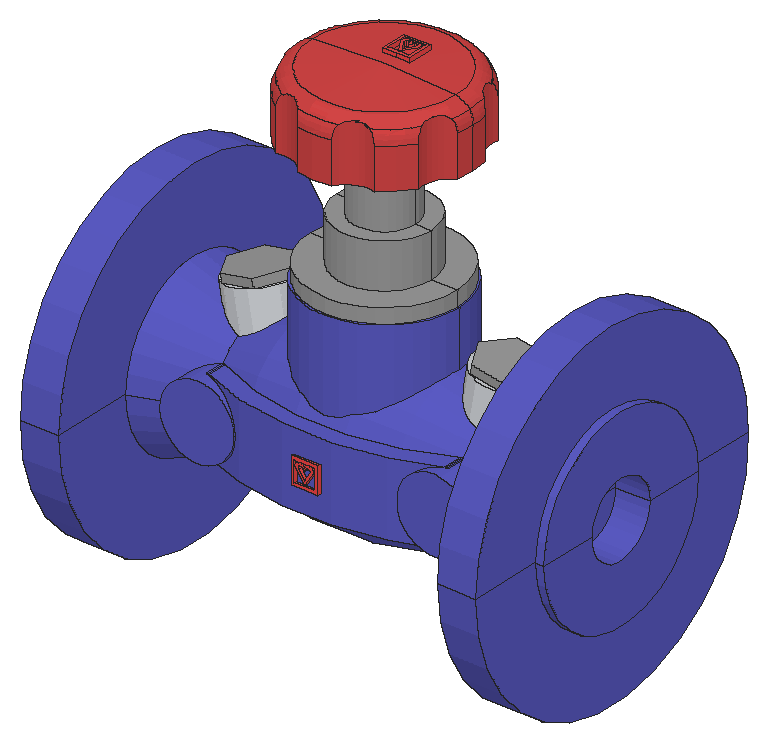
Revit family "Запорный клапан 4218 AGF", category Rohrzubehör, Revit 2021
Family settings
  Bemaßung runder Anschluss = Durchmesser verwenden
  Teiletyp = Unterbricht
  Arbeitsebenenbasiert = Nein
  Immer vertikal = Ja
  Beim Laden mit Abzugskörper schneiden = Nein
  Gemeinsam genutzt = Nein
Parameters
  w = 10.00°  # constant formula
  Vorgabe-Ansicht = 0.00 mm
  PN = 16  # constant formula
  Макс. рабочая температура до DN32 = 130 °C  # constant formula
  Макс. рабочая температура с DN40 = 110 °C  # constant formula
  Макс. рабочее давление = 1600000.0 Pa  # constant formula
  m2 [instance] = size_lookup("4218_AGF", "m2", 22.00 mm, Nennweite)  # 11.00 mm
  m1 [instance] = 27.59 mm  # constant formula
  d1 [instance] = size_lookup("4218_AGF", "d1", 25.00 mm, Nennweite)  # 25.00 mm
  Букса для клапана = "Латунь"  # constant formula
  Корпус = "Серый чугун GJL 250 в соответствии с EN 1561"  # constant formula
  URL = "www.herz-armaturen.ru"
  SCRNSEQ = "ARM;ARM_TYP=\"ABSV\";2"
  SCRNCODE = "05;11;2"  # constant formula
  R05 [instance] = size_lookup("4218_AGF", "R05", 45.00 mm, Nennweite)  # 45.00 mm
  R04 [instance] = size_lookup("4218_AGF", "R04", 25.50 mm, Nennweite)  # 25.50 mm
  R03 [instance] = size_lookup("4218_AGF", "R03", 30.00 mm, Nennweite)  # 30.00 mm
  R02 [instance] = size_lookup("4218_AGF", "R02", 21.15 mm, Nennweite)  # 21.15 mm
  R01 [instance] = size_lookup("4218_AGF", "R01", 29.50 mm, Nennweite)  # 29.50 mm
  O-Ringe = "EPDM"  # constant formula
  Nennweite [instance] = 25.00 mm
  Среда = "Качество теплоносителя в соответствии с ÖNORM H5195 и/или предписаниями VDI 2035.\r\nРазрешается использование смеси этилен или пропиленгликоля в соотношении 25-50% с водой."
  Lk [instance] = size_lookup("4218_AGF", "Lk", 32.50 mm, Nennweite)  # 32.50 mm
  L05 [instance] = 34.16 mm  # constant formula
  L04 [instance] = size_lookup("4218_AGF", "L04", 40.00 mm, Nennweite)  # 40.00 mm
  L03 [instance] = size_lookup("4218_AGF", "L03", 42.00 mm, Nennweite)  # 42.00 mm
  L02 [instance] = size_lookup("4218_AGF", "L02", 3.00 mm, Nennweite)  # 3.00 mm
  L01 [instance] = size_lookup("4218_AGF", "L01", 13.00 mm, Nennweite)  # 13.00 mm
  L [instance] = size_lookup("4218_AGF", "L", 160.00 mm, Nennweite)  # 160.00 mm
  Hersteller = "HERZ-Armaturen Ges.m.b.H"  # constant formula
  Dfl [instance] = size_lookup("4218_AGF", "Dfl", 57.50 mm, Nennweite)  # 57.50 mm
  DN80 [instance] = Nennweite = 80.00 mm  # no
  DN65-80 [instance] = or(Nennweite = 65.00 mm, Nennweite = 80.00 mm)  # no
  DN65 [instance] = Nennweite = 65.00 mm  # no
  DN50-80 [instance] = or(Nennweite = 50.00 mm, Nennweite = 65.00 mm, Nennweite = 80.00 mm)  # no
  DN50 [instance] = Nennweite = 50.00 mm  # no
  DN40 [instance] = Nennweite = 40.00 mm  # no
  DN32 [instance] = Nennweite = 32.00 mm  # no
  DN32-40 [instance] = or(Nennweite = 32.00 mm, Nennweite = 40.00 mm)  # no
  DN25-40 [instance] = or(Nennweite = 25.00 mm, Nennweite = 32.00 mm, Nennweite = 40.00 mm)  # yes
  DN25 [instance] = Nennweite = 25.00 mm  # yes
  D [instance] = size_lookup("4218_AGF", "D", 12.50 mm, Nennweite)  # 12.50 mm
  Номер заказа [instance] = size_lookup("4218_AGF", "Artnr", 0, Nennweite)  # 1421853
  B [instance] = size_lookup("4218_AGF", "B", 58.00 mm, Nennweite)  # 58.00 mm
  Область применения = "Для гидравлической балансировки в системах отопления или холодоснабжения, регулирования и перекрытия трубопроводов, стояков, теплообменников, регистров отопления и охлаждения."
Reference planes
  plane 1 "Mitte (Vorne/hinten)": y = 0
  plane 2: z = 0
  plane 3 "Mitte (Links/rechts)": x = 0
Forms (mm)
  Revolve 1, solid, material "Herz-Marineblau", detail levels fine
    sketch origin (1065, 0, 0) x (1, 0, 0) y (0, 1, 0)
      loop
        line (-1142, 57.5) -> (-1142, 32.5) -> (-1145, 32.5) -> (-1145, 12.5) -> (-1135, 12.5) -> (-1135, 0) -> (-997, 0) -> (-997, 12.5) -> (-985, 12.5) -> (-985, 32.5) -> (-988, 32.5) -> (-988, 57.5) -> (-1001, 57.5) -> (-1001, 29.5) -> (-1024.25, 21.15)
        arc (-1024.25, 21.15) -> (-1065, 30) -> (-1105.75, 21.15) r 98.242
        line (-1105.75, 21.15) -> (-1129, 29.5) -> (-1129, 57.5) -> (-1142, 57.5)
      axis (-985, 0) -> (-1145, 0)
    angle from 0 to 360
  Extrusion 2, solid, material "Herz-Marineblau", visible <- "DN25", detail levels fine
    sketch origin (0, 0, 0) x (1, 0, 0) y (0, 1, 0)
      loop
        arc (-40.75, -24.228) -> (0.085, -32.958) -> (40.917, -24.217) r 99.801
        line (40.917, -24.217) -> (40.917, 24.217)
        arc (40.917, 24.217) -> (0.085, 32.958) -> (-40.75, 24.228) r 99.801
        line (-40.75, 24.228) -> (-40.75, -24.228)
    from -12.5 to 12.5
  Extrusion 3, solid, material "Herz-Marineblau"
    sketch origin (0, 0, 0) x (1, 0, 0) y (0, 0, 1)
      loop
        circle (-40, 0) r 12.5
      loop
        circle (40, 0) r 12.5
    from -29 to 29
  Revolve 4, solid, visible <- "DN25"
    sketch origin (0, 0, 0) x (1, 0, 0) y (0, 0, 1)
      loop
        line (-42.018, 32) -> (-37.406, 5.845) -> (-26.573, 7.755) -> (-31.185, 33.91) -> (-42.018, 32)
      axis (-42.018, 32) -> (-37.406, 5.845)
    angle from 0 to 360
  Revolve 5, solid, visible <- "DN25"
    sketch origin (0, 0, 0) x (-1, 0, 0) y (0, 0, 1)
      loop
        line (-42.018, 32) -> (-37.406, 5.845) -> (-26.573, 7.755) -> (-31.185, 33.91) -> (-42.018, 32)
      axis (-42.018, 32) -> (-37.406, 5.845)
    angle from 0 to 360
  Revolve 6, solid, visible <- "DN32"
    sketch origin (-6, 0, 0) x (1, 0, 0) y (0, 0, 1)
      loop
        line (-42.018, 32) -> (-37.406, 5.845) -> (-26.573, 7.755) -> (-31.185, 33.91) -> (-42.018, 32)
      axis (-42.018, 32) -> (-37.406, 5.845)
    angle from 0 to 360
  Revolve 7, solid, visible <- "DN32"
    sketch origin (6, 0, 0) x (-1, 0, 0) y (0, 0, 1)
      loop
        line (-42.018, 32) -> (-37.406, 5.845) -> (-26.573, 7.755) -> (-31.185, 33.91) -> (-42.018, 32)
      axis (-42.018, 32) -> (-37.406, 5.845)
    angle from 0 to 360
  Revolve 8, solid, visible <- "DN40"
    sketch origin (-10, 0, 6) x (1, 0, 0) y (0, 0, 1)
      loop
        line (-42.018, 32) -> (-37.406, 5.845) -> (-26.573, 7.755) -> (-31.185, 33.91) -> (-42.018, 32)
      axis (-42.018, 32) -> (-37.406, 5.845)
    angle from 0 to 360
  Revolve 9, solid, visible <- "DN40"
    sketch origin (10, 0, 6) x (-1, 0, 0) y (0, 0, 1)
      loop
        line (-42.018, 32) -> (-37.406, 5.845) -> (-26.573, 7.755) -> (-31.185, 33.91) -> (-42.018, 32)
      axis (-42.018, 32) -> (-37.406, 5.845)
    angle from 0 to 360
  Revolve 10, solid, visible <- "DN50"
    sketch origin (-23, 0, 16) x (1, 0, 0) y (0, 0, 1)
      loop
        line (-42.018, 32) -> (-37.406, 5.845) -> (-26.573, 7.755) -> (-31.185, 33.91) -> (-42.018, 32)
      axis (-42.018, 32) -> (-37.406, 5.845)
    angle from 0 to 360
  Revolve 11, solid, visible <- "DN50"
    sketch origin (23, 0, 16) x (-1, 0, 0) y (0, 0, 1)
      loop
        line (-42.018, 32) -> (-37.406, 5.845) -> (-26.573, 7.755) -> (-31.185, 33.91) -> (-42.018, 32)
      axis (-42.018, 32) -> (-37.406, 5.845)
    angle from 0 to 360
  Revolve 12, solid, visible <- "DN65"
    sketch origin (-35, 0, 28) x (1, 0, 0) y (0, 0, 1)
      loop
        line (-42.018, 32) -> (-34.219, -12.231) -> (-18.954, -9.539) -> (-26.753, 34.692) -> (-42.018, 32)
      axis (-42.018, 32) -> (-34.219, -12.231)
    angle from 0 to 360
  Revolve 13, solid, visible <- "DN65"
    sketch origin (35, 0, 28) x (-1, 0, 0) y (0, 0, 1)
      loop
        line (-42.018, 32) -> (-34.219, -12.231) -> (-18.954, -9.539) -> (-26.753, 34.692) -> (-42.018, 32)
      axis (-42.018, 32) -> (-34.219, -12.231)
    angle from 0 to 360
  Revolve 14, solid, visible <- "DN80"
    sketch origin (-43, 0, 33) x (1, 0, 0) y (0, 0, 1)
      loop
        line (-42.018, 32) -> (-34.219, -12.231) -> (-18.954, -9.539) -> (-26.753, 34.692) -> (-42.018, 32)
      axis (-42.018, 32) -> (-34.219, -12.231)
    angle from 0 to 360
  Revolve 15, solid, visible <- "DN80"
    sketch origin (43, 0, 33) x (-1, 0, 0) y (0, 0, 1)
      loop
        line (-42.018, 32) -> (-34.219, -12.231) -> (-18.954, -9.539) -> (-26.753, 34.692) -> (-42.018, 32)
      axis (-42.018, 32) -> (-34.219, -12.231)
    angle from 0 to 360
  Revolve 16, solid, material "Herz-Marineblau"
    sketch origin (0, 0, 0) x (1, 0, 0) y (0, 0, 1)
      loop
        line (-0.018, 0) -> (25.5, 0) -> (25.5, 45) -> (-0.018, 45) -> (-0.018, 0)
      axis (-0.018, 45) -> (-0.018, 0)
    angle from 0 to 360
  Extrusion 17, solid, material "Herz-Marineblau", visible <- "DN32", detail levels fine
    sketch origin (0, 5, 0) x (1, 0, 0) y (0, 1, 0)
      loop
        arc (-50, -30.504) -> (0, -44.033) -> (50, -30.504) r 99.158
        line (50, -30.504) -> (50, 20.504)
        arc (50, 20.504) -> (0, 34.033) -> (-50, 20.504) r 99.158
        line (-50, 20.504) -> (-50, -30.504)
    from -12.5 to 12.5
  Extrusion 18, solid, material "Herz-Marineblau", visible <- "DN40", detail levels fine
    sketch origin (0, 7.139, 0) x (1, 0, 0) y (0, 1, 0)
      loop
        arc (-58.75, -37.243) -> (-0.086, -48.157) -> (58.607, -37.396) r 164.275
        line (58.607, -37.396) -> (58.607, 23.118)
        arc (58.607, 23.118) -> (-0.086, 33.878) -> (-58.75, 22.964) r 164.275
        line (-58.75, 22.964) -> (-58.75, -37.243)
    from -12.5 to 12.5
  Extrusion 19, solid, material "Herz-Marineblau", visible <- "DN50", detail levels fine
    sketch origin (0, 12.139, 0) x (1, 0, 0) y (0, 1, 0)
      loop
        arc (-70, -51.365) -> (-0.006, -58.136) -> (70, -51.487) r 368.507
        line (70, -51.487) -> (70, 27.208)
        arc (70, 27.208) -> (-0.006, 33.857) -> (-70, 27.086) r 368.507
        line (-70, 27.086) -> (-70, -51.365)
    from -12.5 to 12.5
  Extrusion 20, solid, material "Herz-Marineblau", visible <- "DN65", detail levels fine
    sketch origin (0, 17.139, 0) x (1, 0, 0) y (0, 1, 0)
      loop
        line (-89.879, 31.045) -> (-89.879, -65.324)
        arc (-89.879, -65.324) -> (0.112, -71.41) -> (90.111, -65.45) r 675.309
        line (90.111, -65.45) -> (90.111, 31.171)
        arc (90.111, 31.171) -> (0.112, 37.132) -> (-89.879, 31.045) r 675.309
    from -12.5 to 12.5
  Extrusion 21, solid, material "Herz-Marineblau", visible <- "DN80", detail levels fine
    sketch origin (0, 23.908, 0) x (1, 0, 0) y (0, 1, 0)
      loop
        line (-95.924, 29.668) -> (-95.924, -77.484)
        arc (-95.924, -77.484) -> (1.171, -81.507) -> (98.253, -77.179) r 1130.914
        line (98.253, -77.179) -> (98.253, 29.363)
        arc (98.253, 29.363) -> (1.171, 33.69) -> (-95.924, 29.668) r 1130.914
    from -12.5 to 12.5
  Revolve 22, solid, material "Messing, weicher Gelbton, geschweißt", visible <- "DN25"
    sketch origin (0, 0, 0) x (1, 0, 0) y (0, 0, 1)
      loop
        line (-15.927, 65) -> (-15.927, 50) -> (-24.821, 50) -> (-24.821, 45) -> (-0.018, 45) -> (-0.018, 87.982) -> (-7.018, 87.982) -> (-10.561, 84.439) -> (-10.561, 65) -> (-15.927, 65)
      axis (-0.018, 87.982) -> (-0.018, 45)
    angle from 0 to 360
  Revolve 23, solid, material "Messing, weicher Gelbton, geschweißt", visible <- "DN32-40"
    sketch origin (0, 0, 5) x (1, 0, 0) y (0, 0, 1)
      loop
        line (-15.927, 65) -> (-15.927, 50) -> (-24.821, 50) -> (-24.821, 45) -> (-0.018, 45) -> (-0.018, 82.982) -> (-7.018, 82.982) -> (-10.561, 79.439) -> (-10.561, 65) -> (-15.927, 65)
      axis (-0.018, 82.982) -> (-0.018, 45)
    angle from 0 to 360
  Revolve 24, solid, material "Messing, weicher Gelbton, geschweißt", visible <- "DN50"
    sketch origin (0, 0, 0) x (1, 0, 0) y (0, 0, 1)
      loop
        line (-30.605, 80.5) -> (-30.605, 65.5) -> (-39.5, 65.5) -> (-39.5, 60.5) -> (0, 60.5) -> (0, 103) -> (-17.179, 103) -> (-25.239, 94.939) -> (-25.239, 80.5) -> (-30.605, 80.5)
      axis (0, 103) -> (0, 60.5)
    angle from 0 to 360
  Revolve 25, solid, material "Messing, weicher Gelbton, geschweißt", visible <- "DN65-80"
    sketch origin (0, 0, 7.5) x (1, 0, 0) y (0, 0, 1)
      loop
        line (-30.605, 80.5) -> (-30.605, 65.5) -> (-39.5, 65.5) -> (-39.5, 60.5) -> (0, 60.5) -> (0, 95.5) -> (-17.179, 95.5) -> (-25.239, 87.439) -> (-25.239, 80.5) -> (-30.605, 80.5)
      axis (0, 95.5) -> (0, 60.5)
    angle from 0 to 360
  Extrusion 26, solid, material "Messing, weicher Gelbton, geschweißt", visible <- "DN25"
    sketch origin (0.537, 0, 6.073) x (0.984808, 0, 0.173648) y (0, 1, 0)
      loop
        line (-26.573, 0) -> (-31.989, 9.382) -> (-42.822, 9.382) -> (-48.239, 0) -> (-42.822, -9.382) -> (-31.989, -9.382) -> (-26.573, 0)
    from 32.922 to 35.92
  Extrusion 27, solid, material "Messing, weicher Gelbton, geschweißt", visible <- "DN40"
    sketch origin (-9.463, 0, 12.073) x (0.984808, 0, 0.173648) y (0, 1, 0)
      loop
        line (-26.573, 0) -> (-31.989, 9.382) -> (-42.822, 9.382) -> (-48.239, 0) -> (-42.822, -9.382) -> (-31.989, -9.382) -> (-26.573, 0)
    from 32.922 to 35.92
  Extrusion 28, solid, material "Messing, weicher Gelbton, geschweißt", visible <- "DN50"
    sketch origin (-22.463, 0, 22.073) x (0.984808, 0, 0.173648) y (0, 1, 0)
      loop
        line (-26.573, 0) -> (-31.989, 9.382) -> (-42.822, 9.382) -> (-48.239, 0) -> (-42.822, -9.382) -> (-31.989, -9.382) -> (-26.573, 0)
    from 32.922 to 35.92
  Extrusion 29, solid, material "Messing, weicher Gelbton, geschweißt", visible <- "DN80"
    sketch origin (-40.926, 0, 36.434) x (0.984808, 0, 0.173648) y (0, 1, 0)
      loop
        line (-24.656, 0) -> (-31.558, 11.956) -> (-45.364, 11.956) -> (-52.266, 0) -> (-45.364, -11.956) -> (-31.558, -11.956) -> (-24.656, 0)
    from 35.788 to 38.79
  Extrusion 30, solid, material "Messing, weicher Gelbton, geschweißt", visible <- "DN32"
    sketch origin (-5.463, 0, 6.073) x (0.984808, 0, 0.173648) y (0, 1, 0)
      loop
        line (-26.573, 0) -> (-31.989, 9.382) -> (-42.822, 9.382) -> (-48.239, 0) -> (-42.822, -9.382) -> (-31.989, -9.382) -> (-26.573, 0)
    from 32.922 to 35.92
  Extrusion 31, solid, material "Messing, weicher Gelbton, geschweißt", visible <- "DN25"
    sketch origin (-0.537, 0, 6.073) x (-0.984808, 0, 0.173648) y (0, -1, 0)
      loop
        line (-26.573, 0) -> (-31.989, 9.382) -> (-42.822, 9.382) -> (-48.239, 0) -> (-42.822, -9.382) -> (-31.989, -9.382) -> (-26.573, 0)
    from 32.922 to 35.92
  Extrusion 32, solid, material "Messing, weicher Gelbton, geschweißt", visible <- "DN40"
    sketch origin (9.463, 0, 12.073) x (-0.984808, 0, 0.173648) y (0, -1, 0)
      loop
        line (-26.573, 0) -> (-31.989, 9.382) -> (-42.822, 9.382) -> (-48.239, 0) -> (-42.822, -9.382) -> (-31.989, -9.382) -> (-26.573, 0)
    from 32.922 to 35.92
  Extrusion 33, solid, material "Messing, weicher Gelbton, geschweißt", visible <- "DN50"
    sketch origin (22.463, 0, 22.073) x (-0.984808, 0, 0.173648) y (0, -1, 0)
      loop
        line (-26.573, 0) -> (-31.989, 9.382) -> (-42.822, 9.382) -> (-48.239, 0) -> (-42.822, -9.382) -> (-31.989, -9.382) -> (-26.573, 0)
    from 32.922 to 35.92
  Extrusion 34, solid, material "Messing, weicher Gelbton, geschweißt", visible <- "DN32"
    sketch origin (5.463, 0, 6.073) x (-0.984808, 0, 0.173648) y (0, -1, 0)
      loop
        line (-26.573, 0) -> (-31.989, 9.382) -> (-42.822, 9.382) -> (-48.239, 0) -> (-42.822, -9.382) -> (-31.989, -9.382) -> (-26.573, 0)
    from 32.922 to 35.92
  Extrusion 35, solid, material "Messing, weicher Gelbton, geschweißt", visible <- "DN65"
    sketch origin (-32.926, 0, 31.434) x (0.984808, 0, 0.173648) y (0, 1, 0)
      loop
        line (-24.656, 0) -> (-31.558, 11.956) -> (-45.364, 11.956) -> (-52.266, 0) -> (-45.364, -11.956) -> (-31.558, -11.956) -> (-24.656, 0)
    from 35.788 to 38.79
  Extrusion 36, solid, material "Messing, weicher Gelbton, geschweißt", visible <- "DN80"
    sketch origin (40.926, 0, 36.434) x (-0.984808, 0, 0.173648) y (0, -1, 0)
      loop
        line (-24.656, 0) -> (-31.558, 11.956) -> (-45.364, 11.956) -> (-52.266, 0) -> (-45.364, -11.956) -> (-31.558, -11.956) -> (-24.656, 0)
    from 35.788 to 38.79
  Extrusion 37, solid, material "Messing, weicher Gelbton, geschweißt", visible <- "DN65"
    sketch origin (32.926, 0, 31.434) x (-0.984808, 0, 0.173648) y (0, -1, 0)
      loop
        line (-24.656, 0) -> (-31.558, 11.956) -> (-45.364, 11.956) -> (-52.266, 0) -> (-45.364, -11.956) -> (-31.558, -11.956) -> (-24.656, 0)
    from 35.788 to 38.79
Lines and regions (mm)
  model lines
    curve 1: line (-42.018, 0, 0) -> (-42.018, 0, 32)
    curve 2: line (-0.018, 0, 0) -> (-48.018, 0, 0)
    curve 3: line (-48.018, 0, 0) -> (-48.018, 0, 32)
    curve 4: line (-0.018, 0, 0) -> (-52.018, 0, 0)
    curve 5: line (-52.018, 0, 0) -> (-52.018, 0, 38)
    curve 6: line (-0.018, 0, 0) -> (-65.018, 0, 0)
    curve 7: line (-65.018, 0, 0) -> (-65.018, 0, 48)
    curve 8: line (-0.018, 0, 0) -> (-77.018, 0, 0)
    curve 9: line (-77.018, 0, 0) -> (-77.018, 0, 60)
    curve 10: line (-0.018, 0, 0) -> (-85.018, 0, 0)
    curve 11: line (-100.282, 0, 0) -> (-69.753, 0, 0)
    curve 12: line (-92.474, 0, 0) -> (-61.753, 0, 0)
Dimensions and locks
  "Dfl": plane 1 "Mitte (Vorne/hinten)" to Revolve 1 sketch curve
  "Lk": plane 1 "Mitte (Vorne/hinten)" to Revolve 1 sketch curve
  "D": plane 1 "Mitte (Vorne/hinten)" to Revolve 1 sketch curve
  "L": Revolve 1 sketch curve to Revolve 1 sketch curve
  "L01": Revolve 1 sketch curve to Revolve 1 sketch curve  (x2)
  "L02": Revolve 1 sketch curve to Revolve 1 sketch curve  (x2)
  equal spacing: Revolve 1 sketch curve, plane 3 "Mitte (Links/rechts)", Revolve 1 sketch curve  (x2)
  "L04": plane 3 "Mitte (Links/rechts)" to Extrusion 3 sketch curve
  "L04": Extrusion 3 sketch curve to plane 3 "Mitte (Links/rechts)"
  "B": Extrusion 3 to Extrusion 3
  equal spacing: Extrusion 3, plane 1 "Mitte (Vorne/hinten)", Extrusion 3
  "D": Revolve 1 sketch curve to plane 1 "Mitte (Vorne/hinten)"
  "Lk": Revolve 1 sketch curve to plane 1 "Mitte (Vorne/hinten)"
  "Dfl": Revolve 1 sketch curve to plane 1 "Mitte (Vorne/hinten)"
  "R02": plane 1 "Mitte (Vorne/hinten)" to Revolve 1 sketch curve  (x2)
  "R01": plane 1 "Mitte (Vorne/hinten)" to Revolve 1 sketch curve  (x2)
  "R03": plane 1 "Mitte (Vorne/hinten)" to Revolve 1 sketch curve
  Revolve 4 sketch curve to Revolve 4 sketch curve = 11.00 mm
  Revolve 4 sketch curve to Revolve 4 sketch curve = 26.559 mm
  Revolve 5 sketch curve to Revolve 5 sketch curve = 11.00 mm
  Revolve 5 sketch curve to Revolve 5 sketch curve = 26.559 mm
  Revolve 6 sketch curve to Revolve 6 sketch curve = 11.00 mm
  Revolve 6 sketch curve to Revolve 6 sketch curve = 26.559 mm
  Revolve 7 sketch curve to Revolve 7 sketch curve = 11.00 mm
  Revolve 7 sketch curve to Revolve 7 sketch curve = 26.559 mm
  Revolve 8 sketch curve to Revolve 8 sketch curve = 11.00 mm
  Revolve 8 sketch curve to Revolve 8 sketch curve = 26.559 mm
  Revolve 9 sketch curve to Revolve 9 sketch curve = 11.00 mm
  Revolve 9 sketch curve to Revolve 9 sketch curve = 26.559 mm
  Revolve 10 sketch curve to Revolve 10 sketch curve = 11.00 mm
  Revolve 10 sketch curve to Revolve 10 sketch curve = 26.559 mm
  Revolve 11 sketch curve to Revolve 11 sketch curve = 11.00 mm
  Revolve 11 sketch curve to Revolve 11 sketch curve = 26.559 mm
  Revolve 12 sketch curve to Revolve 12 sketch curve = 15.50 mm
  Revolve 12 sketch curve to Revolve 12 sketch curve = 44.913 mm
  Revolve 13 sketch curve to Revolve 13 sketch curve = 15.50 mm
  Revolve 13 sketch curve to Revolve 13 sketch curve = 44.913 mm
  Revolve 14 sketch curve to Revolve 14 sketch curve = 15.50 mm
  Revolve 14 sketch curve to Revolve 14 sketch curve = 44.913 mm
  Revolve 15 sketch curve to Revolve 15 sketch curve = 15.50 mm
  Revolve 15 sketch curve to Revolve 15 sketch curve = 44.913 mm
  "R05": Revolve 16 sketch curve to plane 2
  "R04": plane 3 "Mitte (Links/rechts)" to Revolve 16 sketch curve
  nested 5 to plane 2 = 88.00 mm
  nested 7 to plane 2 = 103.00 mm
  "d1": diameter of Extrusion 3 sketch curve  (x2)
  aligned and locked: level to plane 2
Automatic sketch dimensions
  curve 10 to level = 0.00 mm
  curve 8 to level = 0.00 mm
  curve 5 to level = 0.00 mm
  curve 10 to plane 3 "Mitte (Links/rechts)" = 85.018 mm
  curve 10 to curve 8 = 8.00 mm
  curve 8 to curve 7 = 12.00 mm
  curve 6 to curve 5 = 13.00 mm
  curve 4 to curve 2 = 4.00 mm
  curve 4 to plane 3 "Mitte (Links/rechts)" = 0.018 mm
  curve 6 to curve 2 = 0.00 mm
  curve 3 to curve 1 = 6.00 mm
  curve 10 to curve 2 = 0.00 mm
  level to curve 3 = 32.00 mm
  curve 1 to curve 3 = 0.00 mm
  curve 3 to curve 5 = 6.00 mm
  curve 5 to curve 7 = 10.00 mm
  curve 7 to curve 9 = 12.00 mm
  plane 1 "Mitte (Vorne/hinten)" to curve 11 = 0.00 mm
  plane 1 "Mitte (Vorne/hinten)" to curve 12 = 0.00 mm
  curve 11 to plane 3 "Mitte (Links/rechts)" = 100.282 mm
  curve 11 to curve 12 = 7.808 mm
  curve 12 to curve 11 = 22.721 mm
  curve 11 to curve 12 = 8.00 mm
  Extrusion 2 sketch curve to plane 3 "Mitte (Links/rechts)" = 40.75 mm
  plane 3 "Mitte (Links/rechts)" to Extrusion 2 sketch curve = 0.071 mm  (x2)
  plane 1 "Mitte (Vorne/hinten)" to Extrusion 2 sketch curve = 24.217 mm
  plane 3 "Mitte (Links/rechts)" to Extrusion 2 sketch curve = 40.917 mm
  plane 1 "Mitte (Vorne/hinten)" to Extrusion 2 sketch curve = 24.228 mm
  Extrusion 2 sketch curve to Extrusion 2 sketch curve = 42.614 mm
  Extrusion 2 sketch curve to plane 1 "Mitte (Vorne/hinten)" = 24.217 mm
  Revolve 4 sketch curve to plane 3 "Mitte (Links/rechts)" = 42.018 mm
  level to Revolve 4 sketch curve = 5.845 mm  (x2)
  Revolve 4 sketch curve to Revolve 4 sketch curve = 4.612 mm
  Revolve 4 sketch curve to Revolve 4 sketch curve = 10.833 mm
  level to Revolve 4 sketch curve = 32.00 mm
  Revolve 5 sketch curve to plane 3 "Mitte (Links/rechts)" = 42.018 mm
  Revolve 5 sketch curve to level = 5.845 mm  (x2)
  Revolve 5 sketch curve to Revolve 5 sketch curve = 4.612 mm
  Revolve 5 sketch curve to Revolve 5 sketch curve = 10.833 mm
  Revolve 5 sketch curve to level = 32.00 mm
  Revolve 6 sketch curve to plane 3 "Mitte (Links/rechts)" = 48.018 mm
  level to Revolve 6 sketch curve = 5.845 mm  (x2)
  Revolve 6 sketch curve to Revolve 6 sketch curve = 4.612 mm
  level to Revolve 6 sketch curve = 33.91 mm
  level to Revolve 6 sketch curve = 32.00 mm
  Revolve 7 sketch curve to plane 3 "Mitte (Links/rechts)" = 48.018 mm
  Revolve 7 sketch curve to level = 5.845 mm  (x2)
  Revolve 7 sketch curve to Revolve 7 sketch curve = 4.612 mm
  Revolve 7 sketch curve to level = 33.91 mm
  Revolve 7 sketch curve to level = 32.00 mm
  Revolve 8 sketch curve to plane 3 "Mitte (Links/rechts)" = 52.018 mm
  level to Revolve 8 sketch curve = 11.845 mm  (x2)
  Revolve 8 sketch curve to Revolve 8 sketch curve = 4.612 mm
  level to Revolve 8 sketch curve = 39.91 mm
  level to Revolve 8 sketch curve = 38.00 mm
  Revolve 9 sketch curve to plane 3 "Mitte (Links/rechts)" = 52.018 mm
  Revolve 9 sketch curve to level = 11.845 mm  (x2)
  Revolve 9 sketch curve to Revolve 9 sketch curve = 4.612 mm
  Revolve 9 sketch curve to level = 39.91 mm
  Revolve 9 sketch curve to level = 38.00 mm
  Revolve 10 sketch curve to plane 3 "Mitte (Links/rechts)" = 65.018 mm
  level to Revolve 10 sketch curve = 21.845 mm  (x2)
  Revolve 10 sketch curve to Revolve 10 sketch curve = 4.612 mm
  level to Revolve 10 sketch curve = 49.91 mm
  level to Revolve 10 sketch curve = 48.00 mm
  Revolve 11 sketch curve to plane 3 "Mitte (Links/rechts)" = 65.018 mm
  Revolve 11 sketch curve to level = 21.845 mm  (x2)
  Revolve 11 sketch curve to Revolve 11 sketch curve = 4.612 mm
  Revolve 11 sketch curve to level = 49.91 mm
  Revolve 11 sketch curve to level = 48.00 mm
  Revolve 12 sketch curve to plane 3 "Mitte (Links/rechts)" = 77.018 mm
  level to Revolve 12 sketch curve = 15.769 mm
  Revolve 12 sketch curve to Revolve 12 sketch curve = 7.799 mm
  Revolve 12 sketch curve to Revolve 12 sketch curve = 15.265 mm
  level to Revolve 12 sketch curve = 60.00 mm
  level to Revolve 12 sketch curve = 33.845 mm
  Revolve 13 sketch curve to plane 3 "Mitte (Links/rechts)" = 77.018 mm
  Revolve 13 sketch curve to level = 15.769 mm
  Revolve 13 sketch curve to Revolve 13 sketch curve = 7.799 mm
  Revolve 13 sketch curve to Revolve 13 sketch curve = 15.265 mm
  Revolve 13 sketch curve to level = 60.00 mm
  Revolve 13 sketch curve to level = 33.845 mm
  Revolve 14 sketch curve to plane 3 "Mitte (Links/rechts)" = 85.018 mm
  level to Revolve 14 sketch curve = 20.769 mm
  Revolve 14 sketch curve to Revolve 14 sketch curve = 7.799 mm
  level to Revolve 14 sketch curve = 67.692 mm
  level to Revolve 14 sketch curve = 65.00 mm
  level to Revolve 14 sketch curve = 38.845 mm
  Revolve 15 sketch curve to plane 3 "Mitte (Links/rechts)" = 85.018 mm
  Revolve 15 sketch curve to level = 20.769 mm
  Revolve 15 sketch curve to Revolve 15 sketch curve = 7.799 mm
  Revolve 15 sketch curve to level = 67.692 mm
  Revolve 15 sketch curve to level = 65.00 mm
  Revolve 15 sketch curve to level = 38.845 mm
  Extrusion 17 sketch curve to plane 3 "Mitte (Links/rechts)" = 0.00 mm  (x2)
  Extrusion 17 sketch curve to plane 1 "Mitte (Vorne/hinten)" = 25.504 mm
  Extrusion 17 sketch curve to plane 3 "Mitte (Links/rechts)" = 50.00 mm
  plane 1 "Mitte (Vorne/hinten)" to Extrusion 17 sketch curve = 25.504 mm
  plane 3 "Mitte (Links/rechts)" to Extrusion 17 sketch curve = 50.00 mm
  plane 1 "Mitte (Vorne/hinten)" to Extrusion 17 sketch curve = 60.125 mm
  Extrusion 17 sketch curve to plane 1 "Mitte (Vorne/hinten)" = 60.125 mm
  Extrusion 18 sketch curve to plane 3 "Mitte (Links/rechts)" = 58.75 mm
  plane 3 "Mitte (Links/rechts)" to Extrusion 18 sketch curve = 0.129 mm  (x2)
  plane 1 "Mitte (Vorne/hinten)" to Extrusion 18 sketch curve = 30.257 mm
  plane 3 "Mitte (Links/rechts)" to Extrusion 18 sketch curve = 58.607 mm
  Extrusion 18 sketch curve to Extrusion 18 sketch curve = 93.00 mm
  plane 1 "Mitte (Vorne/hinten)" to Extrusion 18 sketch curve = 30.103 mm
  Extrusion 18 sketch curve to plane 1 "Mitte (Vorne/hinten)" = 30.103 mm
  Extrusion 19 sketch curve to plane 3 "Mitte (Links/rechts)" = 70.00 mm
  plane 3 "Mitte (Links/rechts)" to Extrusion 19 sketch curve = 0.315 mm  (x2)
  plane 1 "Mitte (Vorne/hinten)" to Extrusion 19 sketch curve = 39.348 mm
  plane 3 "Mitte (Links/rechts)" to Extrusion 19 sketch curve = 70.00 mm
  Extrusion 19 sketch curve to Extrusion 19 sketch curve = 283.163 mm
  plane 1 "Mitte (Vorne/hinten)" to Extrusion 19 sketch curve = 39.226 mm
  Extrusion 19 sketch curve to plane 1 "Mitte (Vorne/hinten)" = 39.226 mm
  Extrusion 20 sketch curve to plane 3 "Mitte (Links/rechts)" = 89.879 mm
  plane 3 "Mitte (Links/rechts)" to Extrusion 20 sketch curve = 0.585 mm  (x2)
  plane 3 "Mitte (Links/rechts)" to Extrusion 20 sketch curve = 90.111 mm
  plane 1 "Mitte (Vorne/hinten)" to Extrusion 20 sketch curve = 621.038 mm
  plane 1 "Mitte (Vorne/hinten)" to Extrusion 20 sketch curve = 48.311 mm
  plane 1 "Mitte (Vorne/hinten)" to Extrusion 20 sketch curve = 48.185 mm
  Extrusion 20 sketch curve to plane 1 "Mitte (Vorne/hinten)" = 48.185 mm
  Extrusion 21 sketch curve to plane 3 "Mitte (Links/rechts)" = 95.924 mm
  Extrusion 21 sketch curve to plane 3 "Mitte (Links/rechts)" = 0.606 mm  (x2)
  plane 1 "Mitte (Vorne/hinten)" to Extrusion 21 sketch curve = 53.271 mm
  plane 3 "Mitte (Links/rechts)" to Extrusion 21 sketch curve = 98.253 mm
  plane 1 "Mitte (Vorne/hinten)" to Extrusion 21 sketch curve = 53.576 mm
  Extrusion 21 sketch curve to Extrusion 21 sketch curve = 1019.737 mm
  Extrusion 21 sketch curve to plane 1 "Mitte (Vorne/hinten)" = 53.271 mm
  Revolve 22 sketch curve to plane 3 "Mitte (Links/rechts)" = 24.821 mm
  Revolve 22 sketch curve to Revolve 22 sketch curve = 8.895 mm
  Revolve 22 sketch curve to Revolve 22 sketch curve = 5.366 mm
  Revolve 22 sketch curve to Revolve 22 sketch curve = 3.543 mm  (x2)
  Revolve 22 sketch curve to plane 3 "Mitte (Links/rechts)" = 0.018 mm
  level to Revolve 22 sketch curve = 45.00 mm
  Revolve 22 sketch curve to Revolve 22 sketch curve = 5.00 mm
  Revolve 22 sketch curve to Revolve 22 sketch curve = 15.00 mm
  Revolve 22 sketch curve to Revolve 22 sketch curve = 19.439 mm
  Revolve 22 sketch curve to Revolve 22 sketch curve = 0.00 mm  (x3)
  Revolve 23 sketch curve to plane 3 "Mitte (Links/rechts)" = 24.821 mm
  Revolve 23 sketch curve to Revolve 23 sketch curve = 8.895 mm
  Revolve 23 sketch curve to Revolve 23 sketch curve = 5.366 mm
  Revolve 23 sketch curve to Revolve 23 sketch curve = 3.543 mm  (x2)
  Revolve 23 sketch curve to plane 3 "Mitte (Links/rechts)" = 0.018 mm
  level to Revolve 23 sketch curve = 50.00 mm
  Revolve 23 sketch curve to Revolve 23 sketch curve = 5.00 mm  (x2)
  Revolve 23 sketch curve to Revolve 23 sketch curve = 15.00 mm
  Revolve 23 sketch curve to Revolve 23 sketch curve = 14.439 mm
  Revolve 23 sketch curve to Revolve 23 sketch curve = 0.00 mm  (x2)
  Revolve 24 sketch curve to plane 3 "Mitte (Links/rechts)" = 0.00 mm  (x2)
  Revolve 24 sketch curve to plane 3 "Mitte (Links/rechts)" = 17.179 mm
  Revolve 24 sketch curve to Revolve 24 sketch curve = 8.061 mm  (x2)
  Revolve 24 sketch curve to Revolve 24 sketch curve = 5.366 mm
  Revolve 24 sketch curve to Revolve 24 sketch curve = 8.895 mm
  level to Revolve 24 sketch curve = 60.50 mm
  Revolve 24 sketch curve to Revolve 24 sketch curve = 5.00 mm
  Revolve 24 sketch curve to Revolve 24 sketch curve = 15.00 mm
  Revolve 24 sketch curve to Revolve 24 sketch curve = 14.439 mm
  Revolve 24 sketch curve to Revolve 24 sketch curve = 0.00 mm  (x2)
  Revolve 25 sketch curve to plane 3 "Mitte (Links/rechts)" = 0.00 mm  (x2)
  Revolve 25 sketch curve to plane 3 "Mitte (Links/rechts)" = 17.179 mm
  Revolve 25 sketch curve to Revolve 25 sketch curve = 8.061 mm  (x2)
  Revolve 25 sketch curve to Revolve 25 sketch curve = 5.366 mm
  Revolve 25 sketch curve to Revolve 25 sketch curve = 8.895 mm
  level to Revolve 25 sketch curve = 68.00 mm
  Revolve 25 sketch curve to Revolve 25 sketch curve = 5.00 mm
  Revolve 25 sketch curve to Revolve 25 sketch curve = 15.00 mm
  Revolve 25 sketch curve to Revolve 25 sketch curve = 6.939 mm
  Revolve 25 sketch curve to Revolve 25 sketch curve = 0.00 mm
  Revolve 25 sketch curve to Revolve 25 sketch curve = 7.50 mm
  plane 1 "Mitte (Vorne/hinten)" to Extrusion 26 sketch curve = 0.00 mm  (x2)
  Extrusion 26 sketch curve to Extrusion 26 sketch curve = 5.416 mm  (x3)
  plane 1 "Mitte (Vorne/hinten)" to Extrusion 26 sketch curve = 9.382 mm
  Extrusion 26 sketch curve to Extrusion 26 sketch curve = 10.833 mm  (x2)
  Extrusion 26 sketch curve to plane 1 "Mitte (Vorne/hinten)" = 9.382 mm
  plane 1 "Mitte (Vorne/hinten)" to Extrusion 27 sketch curve = 0.00 mm  (x2)
  Extrusion 27 sketch curve to Extrusion 27 sketch curve = 5.416 mm  (x3)
  plane 1 "Mitte (Vorne/hinten)" to Extrusion 27 sketch curve = 9.382 mm
  Extrusion 27 sketch curve to Extrusion 27 sketch curve = 10.833 mm  (x2)
  Extrusion 27 sketch curve to plane 1 "Mitte (Vorne/hinten)" = 9.382 mm
  plane 1 "Mitte (Vorne/hinten)" to Extrusion 28 sketch curve = 0.00 mm  (x2)
  Extrusion 28 sketch curve to Extrusion 28 sketch curve = 5.416 mm  (x3)
  plane 1 "Mitte (Vorne/hinten)" to Extrusion 28 sketch curve = 9.382 mm
  Extrusion 28 sketch curve to Extrusion 28 sketch curve = 10.833 mm  (x2)
  Extrusion 28 sketch curve to plane 1 "Mitte (Vorne/hinten)" = 9.382 mm
  plane 1 "Mitte (Vorne/hinten)" to Extrusion 29 sketch curve = 0.00 mm  (x2)
  Extrusion 29 sketch curve to Extrusion 29 sketch curve = 6.903 mm  (x3)
  plane 1 "Mitte (Vorne/hinten)" to Extrusion 29 sketch curve = 11.956 mm
  Extrusion 29 sketch curve to Extrusion 29 sketch curve = 13.805 mm  (x2)
  Extrusion 29 sketch curve to plane 1 "Mitte (Vorne/hinten)" = 11.956 mm
  plane 1 "Mitte (Vorne/hinten)" to Extrusion 30 sketch curve = 0.00 mm  (x2)
  Extrusion 30 sketch curve to Extrusion 30 sketch curve = 5.416 mm  (x3)
  plane 1 "Mitte (Vorne/hinten)" to Extrusion 30 sketch curve = 9.382 mm
  Extrusion 30 sketch curve to Extrusion 30 sketch curve = 10.833 mm  (x2)
  Extrusion 30 sketch curve to plane 1 "Mitte (Vorne/hinten)" = 9.382 mm
  plane 1 "Mitte (Vorne/hinten)" to Extrusion 31 sketch curve = 0.00 mm  (x2)
  Extrusion 31 sketch curve to Extrusion 31 sketch curve = 5.416 mm  (x3)
  plane 1 "Mitte (Vorne/hinten)" to Extrusion 31 sketch curve = 9.382 mm
  Extrusion 31 sketch curve to Extrusion 31 sketch curve = 10.833 mm  (x2)
  Extrusion 31 sketch curve to plane 1 "Mitte (Vorne/hinten)" = 9.382 mm
  plane 1 "Mitte (Vorne/hinten)" to Extrusion 32 sketch curve = 0.00 mm  (x2)
  Extrusion 32 sketch curve to Extrusion 32 sketch curve = 5.416 mm  (x3)
  plane 1 "Mitte (Vorne/hinten)" to Extrusion 32 sketch curve = 9.382 mm
  Extrusion 32 sketch curve to Extrusion 32 sketch curve = 10.833 mm  (x2)
  Extrusion 32 sketch curve to plane 1 "Mitte (Vorne/hinten)" = 9.382 mm
  plane 1 "Mitte (Vorne/hinten)" to Extrusion 33 sketch curve = 0.00 mm  (x2)
  Extrusion 33 sketch curve to Extrusion 33 sketch curve = 5.416 mm  (x3)
  plane 1 "Mitte (Vorne/hinten)" to Extrusion 33 sketch curve = 9.382 mm
  Extrusion 33 sketch curve to Extrusion 33 sketch curve = 10.833 mm  (x2)
  Extrusion 33 sketch curve to plane 1 "Mitte (Vorne/hinten)" = 9.382 mm
  plane 1 "Mitte (Vorne/hinten)" to Extrusion 34 sketch curve = 0.00 mm  (x2)
  Extrusion 34 sketch curve to Extrusion 34 sketch curve = 5.416 mm  (x3)
  plane 1 "Mitte (Vorne/hinten)" to Extrusion 34 sketch curve = 9.382 mm
  Extrusion 34 sketch curve to Extrusion 34 sketch curve = 10.833 mm  (x2)
  Extrusion 34 sketch curve to plane 1 "Mitte (Vorne/hinten)" = 9.382 mm
  plane 1 "Mitte (Vorne/hinten)" to Extrusion 35 sketch curve = 0.00 mm  (x2)
  Extrusion 35 sketch curve to Extrusion 35 sketch curve = 6.903 mm  (x3)
  plane 1 "Mitte (Vorne/hinten)" to Extrusion 35 sketch curve = 11.956 mm
  Extrusion 35 sketch curve to Extrusion 35 sketch curve = 13.805 mm  (x2)
  Extrusion 35 sketch curve to plane 1 "Mitte (Vorne/hinten)" = 11.956 mm
  plane 1 "Mitte (Vorne/hinten)" to Extrusion 36 sketch curve = 0.00 mm  (x2)
  Extrusion 36 sketch curve to Extrusion 36 sketch curve = 6.903 mm  (x3)
  plane 1 "Mitte (Vorne/hinten)" to Extrusion 36 sketch curve = 11.956 mm
  Extrusion 36 sketch curve to Extrusion 36 sketch curve = 13.805 mm  (x2)
  Extrusion 36 sketch curve to plane 1 "Mitte (Vorne/hinten)" = 11.956 mm
  plane 1 "Mitte (Vorne/hinten)" to Extrusion 37 sketch curve = 0.00 mm  (x2)
  Extrusion 37 sketch curve to Extrusion 37 sketch curve = 6.903 mm  (x3)
  plane 1 "Mitte (Vorne/hinten)" to Extrusion 37 sketch curve = 11.956 mm
  Extrusion 37 sketch curve to Extrusion 37 sketch curve = 13.805 mm  (x2)
  Extrusion 37 sketch curve to plane 1 "Mitte (Vorne/hinten)" = 11.956 mm
  Revolve 1 sketch curve to plane 1 "Mitte (Vorne/hinten)" = 0.00 mm
  plane 1 "Mitte (Vorne/hinten)" to Revolve 1 sketch curve = 0.00 mm
  Revolve 1 sketch curve to Revolve 1 sketch curve = 10.00 mm
  Revolve 1 sketch curve to Revolve 1 sketch curve = 23.25 mm
  Revolve 1 sketch curve to Revolve 1 sketch curve = 12.00 mm
  Revolve 1 sketch curve to Revolve 1 sketch curve = 1920.00 mm  (x2)
  Extrusion 3 sketch curve to level = 0.00 mm  (x2)
  Revolve 16 sketch curve to level = 0.00 mm  (x2)
  Revolve 16 sketch curve to plane 3 "Mitte (Links/rechts)" = 0.018 mm
  Revolve 16 sketch curve to Revolve 16 sketch curve = 0.00 mm  (x2)
Nested families
  nested 1: "Herz-Logo-vorne" at (-0.018, -32.861, 0) x (0, 1, 0) z (0, 0, 1), visible <- "DN25", type "Herz-Logo-vorne", detail levels fine
  nested 2: "Herz-Logo-vorne" at (-0.018, -38.932, 0) x (0, 1, 0) z (0, 0, 1), visible <- "DN32", type "Herz-Logo-vorne", detail levels fine
  nested 3: "Herz-Logo-vorne" at (-0.018, -40.835, 0) x (0, 1, 0) z (0, 0, 1), visible <- "DN40", type "Herz-Logo-vorne", detail levels fine
  nested 4: "Herz-Logo-vorne" at (-0.018, -57.6, 0) x (0, 1, 0) z (0, 0, 1), visible <- "DN80", type "Herz-Logo-vorne", detail levels fine
  nested 5: "Strömax-Handrad" at (0, 0, 88), visible <- "DN25-40", type "Strömax-Handrad"
    with Nennweite 0.00 mm, Gewicht 0.00 kg, Bestellnummer 0
  nested 6: "Herz-Logo" at (0, 9.517, 109.445), visible <- "DN25-40", type "Herz-Logo"
  nested 7: "Strömax-Handrad-DN50-80" at (0, 0, 103), visible <- "DN50-80", type "Strömax-Handrad-DN50-80"
    with Nennweite 0.00 mm, Gewicht 0.00 kg, Bestellnummer 0
  nested 8: "Herz-Logo-vorne" at (0, -46.065, 0) x (0, 1, 0) z (0, 0, 1), visible <- "DN50", type "Herz-Logo-vorne", detail levels fine
  nested 9: "Herz-Logo-vorne" at (-0.018, -54.253, 0) x (0, 1, 0) z (0, 0, 1), visible <- "DN65", type "Herz-Logo-vorne", detail levels fine
Connectors
  piping at (-80, 0, 0), diameter 25, driven by "Nennweite"
    settings: on Revolve 1, index 1, connector inside diameter 609.6 mm, connector length 0.00 mm, flow factor 0, pipe flow 0.0 L/s, pressure drop 0.0 Pa, fitting loss kfactor 0, connector angle 0.00°, fixture units 0, engagement length 0.00 mm, angle of deflection 0.00°, flow configuration 0, flow direction 1, fitting loss method 0, system type 29, joint type 0, gender type 0, connector reference index -1, connector utility 0, adjustable connector no, is connector primary yes, connector description ""
  piping at (80, 0, 0), diameter 25, driven by "Nennweite"
    settings: on Revolve 1, index 2, connector inside diameter 609.6 mm, connector length 0.00 mm, flow factor 0, pipe flow 0.0 L/s, pressure drop 0.0 Pa, fitting loss kfactor 0, connector angle 0.00°, fixture units 0, engagement length 0.00 mm, angle of deflection 0.00°, flow configuration 0, flow direction 2, fitting loss method 0, system type 29, joint type 0, gender type 0, connector reference index -1, connector utility 0, adjustable connector no, is connector primary no, connector description ""
Definition of nested family "Herz-Logo-vorne"
  Parameters (values of type "Herz-Logo-vorne")
    Default Elevation = 0.00 mm
  Reference planes
    plane 1 "Mitte (Vorne/hinten)": y = 0
    plane 2: z = 0
    plane 3 "Mitte (Links/rechts)": x = 0
  Forms (mm)
    Extrusion 1, solid
      sketch origin (0.732, -0.018, 0.017) x (0, -1, 0) y (0, 0, 1)
        loop
          line (-0.018, -4.517) -> (4.482, -4.517) -> (4.482, 4.483) -> (-4.518, 4.483) -> (-4.518, -4.517) -> (-0.018, -4.517)
        loop
          line (-0.05, -3.48) -> (3.482, -3.48) -> (3.482, 3.483) -> (-3.518, 3.483) -> (-3.518, -3.48) -> (-0.05, -3.48)
        loop
          arc (-0.018, 2.383) -> (-1.543, 3.287) -> (-3.067, 2.383) r 1.738
          arc (-3.067, 2.383) -> (-3.191, 1.899) -> (-3.067, 1.415) r 1.009
          line (-3.067, 1.415) -> (-0.018, -3.281) -> (3.032, 1.415)
          arc (3.032, 1.415) -> (3.156, 1.899) -> (3.032, 2.383) r 1.009
          arc (3.032, 2.383) -> (1.507, 3.287) -> (-0.018, 2.383) r 1.738
        loop
          arc (1.885, 1.272) -> (2.005, 1.675) -> (1.885, 2.079) r 0.74
          arc (1.885, 2.079) -> (1.265, 2.416) -> (0.644, 2.079) r 0.74
          line (0.644, 2.079) -> (-0.018, 0.97) -> (-0.679, 2.079)
          arc (-0.679, 2.079) -> (-1.3, 2.416) -> (-1.921, 2.079) r 0.74
          arc (-1.921, 2.079) -> (-2.04, 1.675) -> (-1.921, 1.272) r 0.74
          line (-1.921, 1.272) -> (-0.018, -1.658) -> (1.885, 1.272)
      from 0 to 1.5
  Dimensions and locks
    aligned and locked: level to plane 2
Definition of nested family "Strömax-Handrad"
  Parameters (values of type "Strömax-Handrad")
    Default Elevation = 0.00 mm
    URL = "www.herz-armaturen.at"
    Nennweite [instance] = 0.00 mm
    Manufacturer = "Herz Armaturen GmbH"  # constant formula
    Gewicht [instance] = 0.00 kg
    Bestellnummer [instance] = 0
  Reference planes
    plane 1 "Mitte (Vorne/hinten)": y = 0
    plane 2: z = 0
    plane 3 "Mitte (Links/rechts)": x = 0
  Forms (mm)
    Revolve 1, solid
      sketch origin (0, 0, 0) x (1, 0, 0) y (0, 0, 1)
        loop
          line (0, 0) -> (0, 22)
          arc (0, 22) -> (-12.15, 21.705) -> (-24.271, 20.819) r 250
          arc (-24.271, 20.819) -> (-26.831, 19.959) -> (-28.754, 18.063) r 6
          arc (-28.754, 18.063) -> (-29.682, 16.008) -> (-30, 13.776) r 8
          line (-30, 13.776) -> (-30, 0) -> (0, 0)
        axis (0, 22) -> (0, 0)
      angle from 0 to 360
    Extrusion 2, void
      sketch origin (0, 0, 0) x (1, 0, 0) y (0, 1, 0)
        loop
          circle (14.351, -34.645) r 10
      from 0 to 22
    Extrusion 3, void
      sketch origin (0, 0, 0) x (-1, 0, 0) y (0, -1, 0)
        loop
          circle (14.351, 34.645) r 10
      from 0 to 22
    Extrusion 4, void
      sketch origin (0, 0, 0) x (0, -1, 0) y (1, 0, 0)
        loop
          circle (14.351, 34.645) r 10
      from 0 to 22
    Extrusion 5, void
      sketch origin (0, 0, 0) x (0, 1, 0) y (-1, 0, 0)
        loop
          circle (14.351, -34.645) r 10
      from 0 to 22
    Extrusion 6, void
      sketch origin (0, 0, 0) x (0, -1, 0) y (1, 0, 0)
        loop
          circle (14.351, -34.645) r 10
      from 0 to 22
    Extrusion 7, void
      sketch origin (0, 0, 0) x (0, 1, 0) y (-1, 0, 0)
        loop
          circle (14.351, 34.645) r 10
      from 0 to 22
    Extrusion 8, void
      sketch origin (0, 0, 0) x (1, 0, 0) y (0, 1, 0)
        loop
          circle (14.351, 34.645) r 10
      from 0 to 22
    Extrusion 9, void
      sketch origin (0, 0, 0) x (-1, 0, 0) y (0, -1, 0)
        loop
          circle (14.351, -34.645) r 10
      from 0 to 22
  Cuts and joins
    Extrusion 2, Extrusion 3, Extrusion 4, Extrusion 5, Extrusion 6, Extrusion 7, Extrusion 8, Extrusion 9 cuts Revolve 1
  Dimensions and locks
    aligned and locked: level to plane 2
Definition of nested family "Herz-Logo"
  Parameters (values of type "Herz-Logo")
    Default Elevation = 0.00 mm
  Reference planes
    plane 1 "Mitte (Vorne/hinten)": y = 0
    plane 2: z = 0
    plane 3 "Mitte (Links/rechts)": x = 0
  Forms (mm)
    Extrusion 1, solid
      sketch origin (0, 0, 0) x (1, 0, 0) y (0, 1, 0)
        loop
          line (-0.018, -4.517) -> (4.482, -4.517) -> (4.482, 4.483) -> (-4.518, 4.483) -> (-4.518, -4.517) -> (-0.018, -4.517)
        loop
          line (-0.05, -3.48) -> (3.482, -3.48) -> (3.482, 3.483) -> (-3.518, 3.483) -> (-3.518, -3.48) -> (-0.05, -3.48)
        loop
          arc (-0.018, 2.383) -> (-1.543, 3.287) -> (-3.067, 2.383) r 1.738
          arc (-3.067, 2.383) -> (-3.191, 1.899) -> (-3.067, 1.415) r 1.009
          line (-3.067, 1.415) -> (-0.018, -3.281) -> (3.032, 1.415)
          arc (3.032, 1.415) -> (3.156, 1.899) -> (3.032, 2.383) r 1.009
          arc (3.032, 2.383) -> (1.507, 3.287) -> (-0.018, 2.383) r 1.738
        loop
          arc (1.885, 1.272) -> (2.005, 1.675) -> (1.885, 2.079) r 0.74
          arc (1.885, 2.079) -> (1.265, 2.416) -> (0.644, 2.079) r 0.74
          line (0.644, 2.079) -> (-0.018, 0.97) -> (-0.679, 2.079)
          arc (-0.679, 2.079) -> (-1.3, 2.416) -> (-1.921, 2.079) r 0.74
          arc (-1.921, 2.079) -> (-2.04, 1.675) -> (-1.921, 1.272) r 0.74
          line (-1.921, 1.272) -> (-0.018, -1.658) -> (1.885, 1.272)
      from 0 to 1.5
  Dimensions and locks
    aligned and locked: level to plane 2
Definition of nested family "Strömax-Handrad-DN50-80"
  Parameters (values of type "Strömax-Handrad-DN50-80")
    Default Elevation = 0.00 mm
    URL = "www.herz-armaturen.at"
    Nennweite [instance] = 0.00 mm
    Manufacturer = "Herz Armaturen GmbH"  # constant formula
    Gewicht [instance] = 0.00 kg
    Bestellnummer [instance] = 0
  Reference planes
    plane 1 "Mitte (Vorne/hinten)": y = 0
    plane 2: z = 0
    plane 3 "Mitte (Links/rechts)": x = 0
  Forms (mm)
    Revolve 1, solid
      sketch origin (0, 0, 0) x (1, 0, 0) y (0, 0, 1)
        loop
          line (0, 0) -> (0, 32.383)
          arc (0, 32.383) -> (-20.405, 32.601) -> (-40.773, 31.352) r 283.606
          arc (-40.773, 31.352) -> (-43.333, 30.492) -> (-45.256, 28.596) r 6
          arc (-45.256, 28.596) -> (-46.184, 26.541) -> (-46.502, 24.309) r 8
          line (-46.502, 24.309) -> (-46.502, 0) -> (0, 0)
        axis (0, 32.383) -> (0, 0)
      angle from 0 to 360
    Extrusion 2, void
      sketch origin (51.706, 59.498, 0) x (-1, 0, 0) y (0, -1, 0)
        loop
          circle (51.706, -35.004) r 50
      from -9.671 to 45.066
    Extrusion 3, void
      sketch origin (56.923, -32.899, 0) x (1, 0, 0) y (0, 1, 0)
        loop
          circle (18.073, 90.208) r 50
      from -9.671 to 45.066
    Extrusion 4, void
      sketch origin (51.706, -59.498, 0) x (-1, 0, 0) y (0, -1, 0)
        loop
          circle (51.706, 35.004) r 50
      from -9.671 to 45.066
    Extrusion 5, void
      sketch origin (56.923, 32.899, 0) x (1, 0, 0) y (0, 1, 0)
        loop
          circle (18.073, -90.208) r 50
      from -9.671 to 45.066
    Extrusion 6, void
      sketch origin (-56.923, 32.899, 0) x (-1, 0, 0) y (0, -1, 0)
        loop
          circle (18.073, 90.208) r 50
      from -9.671 to 45.066
    Extrusion 7, void
      sketch origin (-56.923, -32.899, 0) x (-1, 0, 0) y (0, -1, 0)
        loop
          circle (18.073, -90.208) r 50
      from -9.671 to 45.066
  Cuts and joins
    Extrusion 2, Extrusion 3, Extrusion 4, Extrusion 5, Extrusion 6, Extrusion 7 cuts Revolve 1
  Dimensions and locks
    aligned and locked: level to plane 2
  Nested families
    nested 1: "Herz-Logo" at (0, 17.517, 32.543), type "Herz-Logo"
  Definition of nested family "Herz-Logo"
    Parameters (values of type "Herz-Logo")
      Default Elevation = 0.00 mm
    Reference planes
      plane 1 "Mitte (Vorne/hinten)": y = 0
      plane 2: z = 0
      plane 3 "Mitte (Links/rechts)": x = 0
    Forms (mm)
      Extrusion 1, solid
        sketch origin (0, 0, 0) x (1, 0, 0) y (0, 1, 0)
          loop
            line (-0.018, -4.517) -> (4.482, -4.517) -> (4.482, 4.483) -> (-4.518, 4.483) -> (-4.518, -4.517) -> (-0.018, -4.517)
          loop
            line (-0.05, -3.48) -> (3.482, -3.48) -> (3.482, 3.483) -> (-3.518, 3.483) -> (-3.518, -3.48) -> (-0.05, -3.48)
          loop
            arc (-0.018, 2.383) -> (-1.543, 3.287) -> (-3.067, 2.383) r 1.738
            arc (-3.067, 2.383) -> (-3.191, 1.899) -> (-3.067, 1.415) r 1.009
            line (-3.067, 1.415) -> (-0.018, -3.281) -> (3.032, 1.415)
            arc (3.032, 1.415) -> (3.156, 1.899) -> (3.032, 2.383) r 1.009
            arc (3.032, 2.383) -> (1.507, 3.287) -> (-0.018, 2.383) r 1.738
          loop
            arc (1.885, 1.272) -> (2.005, 1.675) -> (1.885, 2.079) r 0.74
            arc (1.885, 2.079) -> (1.265, 2.416) -> (0.644, 2.079) r 0.74
            line (0.644, 2.079) -> (-0.018, 0.97) -> (-0.679, 2.079)
            arc (-0.679, 2.079) -> (-1.3, 2.416) -> (-1.921, 2.079) r 0.74
            arc (-1.921, 2.079) -> (-2.04, 1.675) -> (-1.921, 1.272) r 0.74
            line (-1.921, 1.272) -> (-0.018, -1.658) -> (1.885, 1.272)
        from 0 to 1.5
    Dimensions and locks
      aligned and locked: level to plane 2
